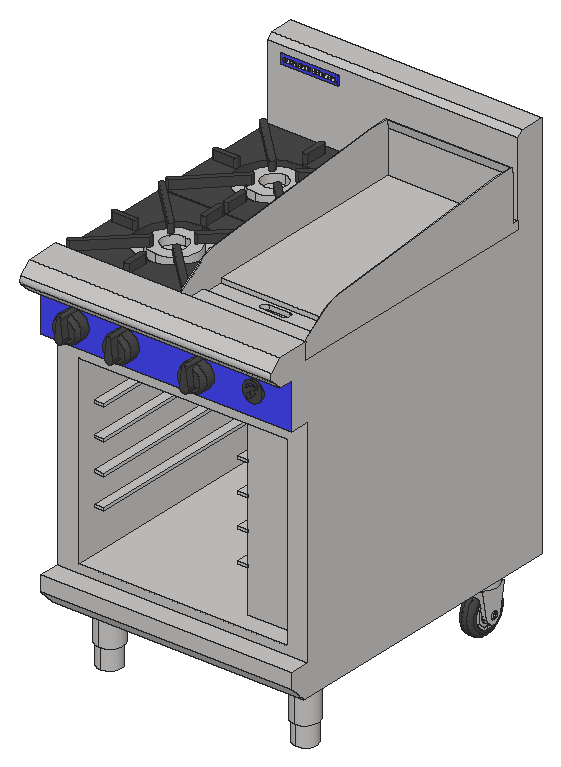
Revit family "QF_MOFFAT_BLUESEAL_CE_G514C-CB", category Specialty Equipment, Revit 2012
Parameters
  Weight in Pounds = 173  # constant formula
  Width [instance] = 600.00 mm  # constant formula
  URL Cutsheet = "www.moffat.com"
  URL = "www.moffat.com"
  Type Mark [instance] = ""
  Status [instance] = ""
  Specification by User [instance] = ""
  Specification by Manufacturer = ""
  Show Logo [instance] = yes
  Show Casters [instance] = yes
  Serial Number = ""
  Seismic Rating = ""
  SMACNA No = ""
  Revision Code [instance] = ""
  Omniclass Number and Title = ""
  NAFEM Spec ID Number = ""
  Model = "G514C-CB"
  Mechanical Remarks = ""
  Mechanical Connection Type = ""
  Masterspec = ""
  Manufacturer = "MOFFAT BLUESEAL"
  Legs [instance] = not(Show Casters)  # no
  Item Number [instance] = ""
  Installed By [instance] = ""
  Identify Quantity as Lot [instance] = yes
  Height = 1085.00 mm  # constant formula
  Gas Size = 3/4"
  Gas RI Height = 0.00 mm
  Gas KW = 20
  Gas Input = 68600.0 Btu/h
  Gas Connection Height = 0.00 mm
  Furnished By [instance] = ""
  Foodservice Equipment Identifier [instance] = yes
  Description = "600MM GAS GRIDDLE PLATE ON CABINET BASE"
  Depth [instance] = 812.00 mm  # constant formula
  CSI MasterFormat = ""
  CSI Master Format = ""
  Back Splash [instance] = 215.00 mm  # constant formula
Reference planes
  plane 1 "BACK": y = 0
  plane 2: z = 0
  plane 3 "LEFT": x = 0
  plane 4 "RIGHT": x = 600
  plane 5 "FRONT": y = -812
  plane 6 "TOP": z = 970
  plane 7 "Center Y": x = 300
  plane 8 "Center X": y = -406
  plane 9 "Base Height": z = 150
  plane 10: z = 915
  plane 11: x = 65
  plane 12: x = 534
  plane 13: y = -625
  plane 14: y = -100
  plane 15: x = 470
  plane 16: z = 655
  plane 17: y = -32
  plane 18: z = 1085
Forms (mm)
  Extrusion 1, solid, material "QF_Finishes_Stainless Steel"
    sketch origin (0, 0, 0) x (0, 1, 0) y (0, 0, 1)
      loop
        line (-100, 150) -> (0, 150) -> (0, 1085) -> (-57.5, 1085) -> (-70, 1072.5) -> (-70, 875) -> (-705, 875) -> (-705, 915) -> (-783.97, 915) -> (-808.485, 890.485)
        arc (-808.485, 890.485) -> (-811.999, 882) -> (-808.485, 873.515) r 12
        line (-808.485, 873.515) -> (-784.97, 850) -> (-749, 850) -> (-749, 740) -> (-100, 740) -> (-100, 150)
      loop
        line (-749, 186) -> (-713, 150) -> (-699, 150) -> (-699, 222.5) -> (-749, 222.5) -> (-749, 186)
    from 0 to 600
  Revolve 2, solid, material "QF_Finishes_Stainless Steel", visible <- "Legs"
    sketch origin (534, -210, 0) x (0, 1, 0) y (0, 0, -1)
      loop
        line (78.25, -150) -> (110, -150) -> (110, 0) -> (82.5, 0) -> (82.5, -50) -> (78.25, -50) -> (78.25, -150)
      axis (110, -150) -> (110, 0)
    angle from 0 to 360
  Revolve 3, solid, material "QF_Finishes_Stainless Steel"
    sketch origin (534, -735, 0) x (0, 1, 0) y (0, 0, -1)
      loop
        line (78.25, -150) -> (110, -150) -> (110, 0) -> (82.5, 0) -> (82.5, -50) -> (78.25, -50) -> (78.25, -150)
      axis (110, -150) -> (110, 0)
    angle from 0 to 360
  Revolve 4, solid, material "QF_Finishes_Stainless Steel", visible <- "Legs"
    sketch origin (65, -210, 0) x (0, 1, 0) y (0, 0, -1)
      loop
        line (78.25, -150) -> (110, -150) -> (110, 0) -> (82.5, 0) -> (82.5, -50) -> (78.25, -50) -> (78.25, -150)
      axis (110, -150) -> (110, 0)
    angle from 0 to 360
  Revolve 5, solid, material "QF_Finishes_Stainless Steel"
    sketch origin (65, -735, 0) x (0, 1, 0) y (0, 0, -1)
      loop
        line (78.25, -150) -> (110, -150) -> (110, 0) -> (82.5, 0) -> (82.5, -50) -> (78.25, -50) -> (78.25, -150)
      axis (110, -150) -> (110, 0)
    angle from 0 to 360
  Revolve 6, solid, material "QF_Finishes_Black"
    sketch origin (90, 7, 600) x (0, 1, 0) y (0, 0, -1)
      loop
        line (-789, -229.5) -> (-766, -229.5) -> (-766, -202) -> (-756, -202) -> (-756, -197) -> (-800, -197) -> (-800, -223.651) -> (-789, -229.5)
      axis (-800, -197) -> (-756, -197)
    angle from 0 to 360
  Extrusion 7, solid, material "QF_Finishes_Black"
    sketch origin (228.27, 0, 600.158) x (-1, 0, 0) y (0, 0, -1)
      loop
        line (143.2, -228.94) -> (148.689, -184.854)
        arc (148.689, -184.854) -> (137.617, -174.355) -> (127.782, -186.021) r 10.487
        line (127.782, -186.021) -> (133.203, -228.94)
        arc (133.203, -228.94) -> (138.201, -233.827) -> (143.2, -228.94) r 5
    from 759 to 808
  Extrusion 8, solid, material "QF_Finishes_Stainless Steel"
    sketch origin (0, -699, 685) x (1, 0, 0) y (0, -1, 0)
      loop
        circle (470, -667) r 13.5
    from -55 to 30
  Extrusion 9, solid, material "QF_Finishes_Stainless Steel"
    sketch origin (0, -100, 685) x (0, 0, 1) y (-1, 0, 0)
      loop
        line (-535, 0) -> (-535, -600) -> (55, -600) -> (55, 0) -> (-535, 0)
      loop
        line (0, -50) -> (-442.5, -50) -> (-442.5, -550) -> (0, -550) -> (0, -50)
    from 0 to 599
  Extrusion 10, solid, material "QF_Finishes_Stainless Steel"
    sketch origin (0, -100, 685) x (0, 0, 1) y (-1, 0, 0)
      loop
        line (-266.25, -50) -> (-266.25, -75) -> (-259.9, -75) -> (-259.9, -50) -> (-266.25, -50)
      loop
        line (-184.9, -75) -> (-184.9, -50) -> (-191.25, -50) -> (-191.25, -75) -> (-184.9, -75)
      loop
        line (-341.25, -50) -> (-341.25, -75) -> (-334.9, -75) -> (-334.9, -50) -> (-341.25, -50)
      loop
        line (-109.9, -75) -> (-109.9, -50) -> (-116.25, -50) -> (-116.25, -75) -> (-109.9, -75)
      loop
        line (-266.25, -419.5) -> (-259.9, -419.5) -> (-259.9, -394.5) -> (-266.25, -394.5) -> (-266.25, -419.5)
      loop
        line (-184.9, -394.5) -> (-191.25, -394.5) -> (-191.25, -419.5) -> (-184.9, -419.5) -> (-184.9, -394.5)
      loop
        line (-341.25, -419.5) -> (-334.9, -419.5) -> (-334.9, -394.5) -> (-341.25, -394.5) -> (-341.25, -419.5)
      loop
        line (-109.9, -394.5) -> (-116.25, -394.5) -> (-116.25, -419.5) -> (-109.9, -419.5) -> (-109.9, -394.5)
    from 0 to 554
  Extrusion 11, solid, material "QF_Finishes_Stainless Steel"
    sketch origin (0, -100, 685) x (0, 0, 1) y (-1, 0, 0)
      loop
        line (0, -550) -> (0, -419.5) -> (-442.5, -419.5) -> (-442.5, -550) -> (0, -550)
    from 546.898 to 554
  Extrusion 12, void
    sketch origin (0, 0, 150) x (-1, 0, 0) y (0, -1, 0)
      loop
        line (-535.614, 87.26) -> (-535.614, -30.24) -> (-406.114, -30.24) -> (-406.114, 38.76) -> (-454.614, 87.26) -> (-535.614, 87.26)
    from 72.5 to 590
  Revolve 13, solid, material "QF_Finishes_Black"
    sketch origin (390, 7, 600) x (0, 1, 0) y (0, 0, -1)
      loop
        line (-789, -229.5) -> (-766, -229.5) -> (-766, -202) -> (-756, -202) -> (-756, -197) -> (-800, -197) -> (-800, -223.651) -> (-789, -229.5)
      axis (-800, -197) -> (-756, -197)
    angle from 0 to 360
  Extrusion 14, solid, material "QF_Finishes_Black"
    sketch origin (528.27, 0, 600.158) x (-1, 0, 0) y (0, 0, -1)
      loop
        line (143.2, -228.94) -> (148.689, -184.854)
        arc (148.689, -184.854) -> (137.617, -174.355) -> (127.782, -186.021) r 10.487
        line (127.782, -186.021) -> (133.203, -228.94)
        arc (133.203, -228.94) -> (138.201, -233.827) -> (143.2, -228.94) r 5
    from 759 to 808
  Extrusion 15, solid, material "QF_Finishes_Black"
    sketch origin (0, -749, 850) x (0, 0, -1) y (1, 0, 0)
      loop
        circle (53, 510) r 23.9
      loop
        arc (45.641, 518.419) -> (46.501, 523.219) -> (41.701, 524.079) r 3.448
        arc (41.701, 524.079) -> (35.116, 509.341) -> (42.919, 495.209) r 18.095
        arc (42.919, 495.209) -> (47.641, 496.491) -> (46.326, 501.204) r 3.448
        arc (46.326, 501.204) -> (42.758, 509.683) -> (45.641, 518.419) r 13.109
    from 0 to 5
  Revolve 16, solid, material "QF_Finishes_Stainless Steel", visible <- "Legs"
    sketch origin (65, -165, 0) x (0, 1, 0) y (0, 0, 1)
      loop
        line (34.25, 150) -> (34.25, 50) -> (38.5, 50) -> (38.5, 0) -> (66, 0) -> (66, 150) -> (34.25, 150)
      axis (66, 150) -> (66, 0)
    angle from 0 to 360
  Revolve 17, solid, material "QF_Finishes_Stainless Steel", visible <- "Legs"
    sketch origin (535, -165, 0) x (0, 1, 0) y (0, 0, -1)
      loop
        line (34.25, -150) -> (66, -150) -> (66, 0) -> (38.5, 0) -> (38.5, -50) -> (34.25, -50) -> (34.25, -150)
      axis (66, -150) -> (66, 0)
    angle from 0 to 360
  Revolve 18, solid, material "QF_Finishes_Stainless Steel", visible <- "Show Casters"
    sketch origin (15.776, -99.755, -13.653) x (1, 0, 0) y (0, 0, 1)
      loop
        line (14.841, 63.604) -> (83.584, 63.604) -> (83.584, 67.109) -> (82.314, 68.379) -> (80.79, 68.379) -> (80.79, 71.826) -> (68.644, 71.826) -> (68.644, 81.79) -> (65.088, 83.843) -> (63.738, 92.179) -> (65.881, 92.179) -> (65.881, 98.529) -> (65.088, 98.529) -> (65.088, 104.879)
        arc (65.088, 104.879) -> (62.298, 111.614) -> (55.563, 114.404) r 9.525
        line (55.563, 114.404) -> (42.863, 114.404)
        arc (42.863, 114.404) -> (36.127, 111.614) -> (33.338, 104.879) r 9.525
        line (33.338, 104.879) -> (33.338, 98.529) -> (32.544, 98.529) -> (32.544, 92.179) -> (34.687, 92.179) -> (33.352, 83.932) -> (29.782, 81.871) -> (29.782, 71.826) -> (17.635, 71.826) -> (17.635, 68.379) -> (16.111, 68.379) -> (14.841, 67.109) -> (14.841, 63.604)
      axis (14.841, 63.604) -> (83.584, 63.604)
    angle from 0 to 360
  Extrusion 19, solid, material "QF_Finishes_Stainless Steel", visible <- "Show Casters"
    sketch origin (71.501, 133.353, -8.783) x (0, 1, 0) y (0, 0, 1)
      loop
        line (-200.603, 118.783) -> (-264.103, 118.783) -> (-251.746, 53.895)
        arc (-251.746, 53.895) -> (-232.353, 38.783) -> (-212.959, 53.895) r 20
        line (-212.959, 53.895) -> (-200.603, 118.783)
    from -35.667 to 22.923
  Revolve 20, solid, material "QF_Finishes_Stainless Steel", visible <- "Show Casters"
    sketch origin (65, -203, 0) x (0, 1, 0) y (0, 0, 1)
      loop
        line (68.25, 150) -> (68.25, 110) -> (104, 110) -> (104, 150) -> (68.25, 150)
      axis (104, 150) -> (104, 110)
    angle from 0 to 360
  Revolve 21, solid, material "QF_Finishes_Stainless Steel", visible <- "Legs"
    sketch origin (65, -165, 0) x (0, 1, 0) y (0, 0, 1)
      loop
        line (34.25, 150) -> (34.25, 50) -> (38.5, 50) -> (38.5, 0) -> (66, 0) -> (66, 150) -> (34.25, 150)
      axis (66, 150) -> (66, 0)
    angle from 0 to 360
  Revolve 22, solid, material "QF_Finishes_Stainless Steel", visible <- "Show Casters"
    sketch origin (485.776, -99.755, -13.653) x (1, 0, 0) y (0, 0, 1)
      loop
        line (14.841, 63.604) -> (83.584, 63.604) -> (83.584, 67.109) -> (82.314, 68.379) -> (80.79, 68.379) -> (80.79, 71.826) -> (68.644, 71.826) -> (68.644, 81.79) -> (65.088, 83.843) -> (63.738, 92.179) -> (65.881, 92.179) -> (65.881, 98.529) -> (65.088, 98.529) -> (65.088, 104.879)
        arc (65.088, 104.879) -> (62.298, 111.614) -> (55.563, 114.404) r 9.525
        line (55.563, 114.404) -> (42.863, 114.404)
        arc (42.863, 114.404) -> (36.127, 111.614) -> (33.338, 104.879) r 9.525
        line (33.338, 104.879) -> (33.338, 98.529) -> (32.544, 98.529) -> (32.544, 92.179) -> (34.687, 92.179) -> (33.352, 83.932) -> (29.782, 81.871) -> (29.782, 71.826) -> (17.635, 71.826) -> (17.635, 68.379) -> (16.111, 68.379) -> (14.841, 67.109) -> (14.841, 63.604)
      axis (14.841, 63.604) -> (83.584, 63.604)
    angle from 0 to 360
  Extrusion 23, solid, material "QF_Finishes_Stainless Steel", visible <- "Show Casters"
    sketch origin (541.501, 133.353, -8.783) x (0, 1, 0) y (0, 0, 1)
      loop
        line (-200.603, 118.783) -> (-264.103, 118.783) -> (-251.746, 53.895)
        arc (-251.746, 53.895) -> (-232.353, 38.783) -> (-212.959, 53.895) r 20
        line (-212.959, 53.895) -> (-200.603, 118.783)
    from -35.667 to 22.923
  Revolve 24, solid, material "QF_Finishes_Stainless Steel", visible <- "Show Casters"
    sketch origin (535, -203, 0) x (0, 1, 0) y (0, 0, 1)
      loop
        line (68.25, 150) -> (68.25, 110) -> (104, 110) -> (104, 150) -> (68.25, 150)
      axis (104, 150) -> (104, 110)
    angle from 0 to 360
  Extrusion 25, solid, material "QF_Finishes_Black"
    sketch origin (0, -754, 850) x (0, 0, -1) y (1, 0, 0)
      loop
        circle (56.5, 510) r 5.75
    from 0 to 10
  Revolve 26, solid, material "QF_Finishes_Black"
    sketch origin (209.882, 6.921, 599.5) x (0, 1, 0) y (0, 0, -1)
      loop
        line (-789, -229.5) -> (-766, -229.5) -> (-766, -202) -> (-756, -202) -> (-756, -197) -> (-800, -197) -> (-800, -223.651) -> (-789, -229.5)
      axis (-800, -197) -> (-756, -197)
    angle from 0 to 360
  Extrusion 27, solid, material "QF_Finishes_Black"
    sketch origin (209.882, -759.079, 796.5) x (0, 0, 1) y (1, 0, 0)
      loop
        arc (32.192, -4.965) -> (37.079, 0.034) -> (32.192, 5.033) r 5
        line (32.192, 5.033) -> (-10.726, 10.453)
        arc (-10.726, 10.453) -> (-22.392, 0.618) -> (-11.893, -10.454) r 10.487
        line (-11.893, -10.454) -> (32.192, -4.965)
    from 0 to -49
Cuts and joins
  Extrusion 12 cuts Extrusion 1
  joined: Extrusion 1, Extrusion 9
Lines and regions (mm)
  Split face 1
    outline origin (600, 0, 1085) x (-1, 0, 0) y (0, -1, 0)
      loop
        arc (35.206, 45.385) -> (26.545, 40.385) -> (26.545, 30.385) r 10
        line (26.545, 30.385) -> (30.587, 23.385)
        arc (30.587, 23.385) -> (34.247, 19.725) -> (39.247, 18.385) r 10
        line (39.247, 18.385) -> (267.206, 18.385)
        arc (267.206, 18.385) -> (275.866, 23.385) -> (275.866, 33.385) r 10
        line (275.866, 33.385) -> (271.824, 40.385)
        arc (271.824, 40.385) -> (268.164, 44.045) -> (263.164, 45.385) r 10
        line (263.164, 45.385) -> (35.206, 45.385)
  Split face 2
    outline origin (600, 0, 1085) x (-1, 0, 0) y (0, -1, 0)
      loop
        arc (335.206, 45.385) -> (326.545, 40.385) -> (326.545, 30.385) r 10
        line (326.545, 30.385) -> (330.587, 23.385)
        arc (330.587, 23.385) -> (334.247, 19.725) -> (339.247, 18.385) r 10
        line (339.247, 18.385) -> (567.206, 18.385)
        arc (567.206, 18.385) -> (575.866, 23.385) -> (575.866, 33.385) r 10
        line (575.866, 33.385) -> (571.824, 40.385)
        arc (571.824, 40.385) -> (568.164, 44.045) -> (563.164, 45.385) r 10
        line (563.164, 45.385) -> (335.206, 45.385)
  symbolic lines
    curve 1: line (0, 0, 0) -> (0, -812, 0)
    curve 2: line (600, 0, 0) -> (0, 0, 0)
    curve 3: line (600, -812, 0) -> (600, 0, 0)
    curve 4: line (0, -812, 0) -> (600, -812, 0)
    curve 13: line (0, -57.5, 150) -> (600, -57.5, 150)
    curve 14: line (0, -70, 150) -> (600, -70, 150)
    curve 15: line (0, -783.97, 150) -> (600, -783.97, 150)
    curve 16: line (260.753, -18.385, 0) -> (32.794, -18.385, 0)
    curve 17: arc (32.794, -18.385, 0) -> (24.134, -23.385, 0) -> (24.134, -33.385, 0) r 10
    curve 18: line (24.134, -33.385, 0) -> (28.176, -40.385, 0)
    curve 19: arc (28.176, -40.385, 0) -> (31.836, -44.045, 0) -> (36.836, -45.385, 0) r 10
    curve 20: line (36.836, -45.385, 0) -> (264.794, -45.385, 0)
    curve 21: arc (264.794, -45.385, 0) -> (273.455, -40.385, 0) -> (273.455, -30.385, 0) r 10
    curve 22: line (273.455, -30.385, 0) -> (269.413, -23.385, 0)
    curve 23: arc (269.413, -23.385, 0) -> (265.753, -19.725, 0) -> (260.753, -18.385, 0) r 10
    curve 24: line (332.794, -18.385, 0) -> (560.753, -18.385, 0)
    curve 25: arc (560.753, -18.385, 0) -> (565.753, -19.725, 0) -> (569.413, -23.385, 0) r 10
    curve 26: line (569.413, -23.385, 0) -> (573.455, -30.385, 0)
    curve 27: arc (573.455, -30.385, 0) -> (573.455, -40.385, 0) -> (564.794, -45.385, 0) r 10
    curve 28: line (564.794, -45.385, 0) -> (336.836, -45.385, 0)
    curve 29: arc (336.836, -45.385, 0) -> (331.836, -44.045, 0) -> (328.176, -40.385, 0) r 10
    curve 30: line (328.176, -40.385, 0) -> (324.134, -33.385, 0)
    curve 31: arc (324.134, -33.385, 0) -> (324.134, -23.385, 0) -> (332.794, -18.385, 0) r 10
  symbolic lines, style "SpecialityEquipmentHiddenLines", visible <- "Show Casters"
    curve 5: line (78.456, -46.735, 0) -> (105.952, -62.61, 0)
    curve 6: line (27.656, -134.723, 0) -> (78.456, -46.735, 0)
    curve 7: line (55.152, -150.598, 0) -> (27.656, -134.723, 0)
    curve 8: line (105.952, -62.61, 0) -> (55.152, -150.598, 0)
    curve 9: line (548.456, -46.735, 0) -> (575.952, -62.61, 0)
    curve 10: line (497.656, -134.723, 0) -> (548.456, -46.735, 0)
    curve 11: line (525.152, -150.598, 0) -> (497.656, -134.723, 0)
    curve 12: line (575.952, -62.61, 0) -> (525.152, -150.598, 0)
Dimensions and locks
  equal spacing: plane 3 "LEFT", plane 7 "Center Y", plane 4 "RIGHT"
  "Width": plane 3 "LEFT" to plane 4 "RIGHT"
  equal spacing: plane 5 "FRONT", plane 8 "Center X", plane 1 "BACK"
  "Depth": plane 5 "FRONT" to plane 1 "BACK"
  locked: plane 10 to level at 915
  locked: plane 9 "Base Height" to level at 150
  plane 6 "TOP" to plane 10 = 55.00 mm
  plane 13 to plane 14 = 525.00 mm
  plane 12 to plane 11 = 469.00 mm
  plane 15 to plane 4 "RIGHT" = 130.00 mm
  plane 16 to level = 655.00 mm
  plane 17 to plane 1 "BACK" = 32.00 mm
  "Height": plane 18 to plane 2
  Revolve 18 sketch curve to Revolve 18 sketch curve = 50.80 mm
  Revolve 22 sketch curve to Revolve 22 sketch curve = 50.80 mm
  Extrusion 8 sketch curve to plane 1 "BACK" = 32.00 mm
  plane 16 to plane 2 = 655.00 mm
  aligned and locked: level to plane 2
Automatic sketch dimensions
  plane 1 "BACK" to curve 1 = 0.00 mm
  curve 1 to plane 3 "LEFT" = 0.00 mm
  curve 2 to plane 4 "RIGHT" = 0.00 mm
  plane 5 "FRONT" to curve 4 = 0.00 mm
  Extrusion 1 sketch curve to plane 10 = 0.00 mm
  Extrusion 1 sketch curve to plane 9 "Base Height" = 0.00 mm  (x2)
  Extrusion 1 sketch curve to plane 14 = 0.00 mm
  Extrusion 1 sketch curve to plane 18 = 0.00 mm
  Extrusion 1 sketch curve to plane 1 "BACK" = 0.00 mm
  Extrusion 1 sketch curve to plane 13 = 74.00 mm
  Extrusion 1 sketch curve to plane 10 = 40.00 mm
  Extrusion 1 sketch curve to plane 13 = 80.00 mm
  Extrusion 1 sketch curve to Extrusion 1 sketch curve = 14.00 mm
  Extrusion 1 sketch curve to Extrusion 1 sketch curve = 36.00 mm
  Extrusion 1 sketch curve to plane 5 "FRONT" = 63.00 mm
  Extrusion 1 sketch curve to plane 5 "FRONT" = 28.03 mm
  Extrusion 1 sketch curve to plane 5 "FRONT" = 27.03 mm
  Extrusion 1 sketch curve to plane 5 "FRONT" = 12.001 mm
  Extrusion 1 sketch curve to plane 5 "FRONT" = 3.515 mm  (x2)
  plane 14 to Extrusion 1 sketch curve = 30.00 mm
  Extrusion 1 sketch curve to Extrusion 1 sketch curve = 12.50 mm
  plane 9 "Base Height" to Extrusion 1 sketch curve = 36.00 mm
  Extrusion 1 sketch curve to Extrusion 1 sketch curve = 36.50 mm
  plane 16 to Extrusion 1 sketch curve = 85.00 mm
  Extrusion 1 sketch curve to Extrusion 1 sketch curve = 25.00 mm
  Extrusion 1 sketch curve to Extrusion 1 sketch curve = 23.515 mm
  Extrusion 1 sketch curve to Extrusion 1 sketch curve = 8.485 mm
  Extrusion 1 sketch curve to plane 18 = 12.50 mm
  Revolve 2 sketch curve to plane 9 "Base Height" = 0.00 mm
  Revolve 2 sketch curve to level = 0.00 mm
  Revolve 2 sketch curve to plane 14 = 0.00 mm  (x2)
  Revolve 2 sketch curve to plane 14 = 27.50 mm
  Revolve 2 sketch curve to plane 14 = 31.75 mm
  level to Revolve 2 sketch curve = 50.00 mm
  Revolve 2 sketch curve to Revolve 2 sketch curve = 0.00 mm
  Revolve 2 sketch curve to Revolve 2 sketch curve = 55.00 mm
  Revolve 3 sketch curve to plane 9 "Base Height" = 0.00 mm
  Revolve 3 sketch curve to level = 0.00 mm
  Revolve 3 sketch curve to plane 13 = 0.00 mm  (x2)
  Revolve 3 sketch curve to plane 13 = 27.50 mm
  Revolve 3 sketch curve to plane 13 = 31.75 mm
  level to Revolve 3 sketch curve = 50.00 mm
  Revolve 3 sketch curve to Revolve 3 sketch curve = 0.00 mm
  Revolve 3 sketch curve to Revolve 3 sketch curve = 55.00 mm
  Revolve 4 sketch curve to plane 9 "Base Height" = 0.00 mm
  Revolve 4 sketch curve to level = 0.00 mm
  Revolve 4 sketch curve to plane 14 = 0.00 mm  (x2)
  Revolve 4 sketch curve to plane 14 = 27.50 mm
  Revolve 4 sketch curve to plane 14 = 31.75 mm
  level to Revolve 4 sketch curve = 50.00 mm
  Revolve 4 sketch curve to Revolve 4 sketch curve = 0.00 mm
  Revolve 4 sketch curve to Revolve 4 sketch curve = 55.00 mm
  Revolve 5 sketch curve to plane 9 "Base Height" = 0.00 mm
  Revolve 5 sketch curve to level = 0.00 mm
  Revolve 5 sketch curve to plane 13 = 0.00 mm  (x2)
  Revolve 5 sketch curve to plane 13 = 27.50 mm
  Revolve 5 sketch curve to plane 13 = 31.75 mm
  level to Revolve 5 sketch curve = 50.00 mm
  Revolve 5 sketch curve to Revolve 5 sketch curve = 0.00 mm
  Revolve 5 sketch curve to Revolve 5 sketch curve = 55.00 mm
  Revolve 6 sketch curve to plane 5 "FRONT" = 19.00 mm
  Revolve 6 sketch curve to Revolve 6 sketch curve = 0.00 mm  (x2)
  Revolve 6 sketch curve to Revolve 6 sketch curve = 11.00 mm
  Revolve 6 sketch curve to Revolve 6 sketch curve = 12.70 mm
  Revolve 6 sketch curve to Revolve 6 sketch curve = 23.00 mm
  Revolve 6 sketch curve to Revolve 6 sketch curve = 10.00 mm
  Revolve 6 sketch curve to plane 10 = 85.50 mm
  Revolve 6 sketch curve to Revolve 6 sketch curve = 5.849 mm
  Revolve 6 sketch curve to Revolve 6 sketch curve = 27.50 mm
  Revolve 6 sketch curve to Revolve 6 sketch curve = 5.00 mm
  plane 11 to Extrusion 7 sketch curve = 35.487 mm
  Extrusion 7 sketch curve to Extrusion 7 sketch curve = 5.421 mm
  Extrusion 7 sketch curve to Extrusion 7 sketch curve = 4.999 mm  (x2)
  Extrusion 7 sketch curve to Extrusion 7 sketch curve = 10.419 mm
  Extrusion 7 sketch curve to Extrusion 7 sketch curve = 10.487 mm
  Extrusion 7 sketch curve to plane 10 = 85.902 mm
  Extrusion 7 sketch curve to Extrusion 7 sketch curve = 0.113 mm
  Extrusion 7 sketch curve to Extrusion 7 sketch curve = 42.919 mm
  Extrusion 7 sketch curve to Extrusion 7 sketch curve = 1.167 mm
  Extrusion 8 sketch curve to plane 15 = 0.00 mm
  Extrusion 1 to Extrusion 9 sketch curve = 0.00 mm
  Extrusion 9 sketch curve to Extrusion 1 = 0.00 mm  (x3)
  Extrusion 1 to Extrusion 9 sketch curve = 92.50 mm
  Extrusion 1 to Extrusion 9 sketch curve = 55.00 mm
  Extrusion 1 to Extrusion 9 sketch curve = 50.00 mm  (x2)
  Extrusion 1 to Extrusion 10 sketch curve = 50.00 mm  (x2)
  Extrusion 1 to Extrusion 10 sketch curve = 193.75 mm  (x2)
  Extrusion 10 sketch curve to Extrusion 10 sketch curve = 6.35 mm  (x8)
  Extrusion 10 sketch curve to Extrusion 10 sketch curve = 68.65 mm  (x6)
  Extrusion 10 sketch curve to Extrusion 10 sketch curve = 25.00 mm  (x8)
  Extrusion 10 sketch curve to Extrusion 10 sketch curve = 0.00 mm  (x4)
  Extrusion 1 to Extrusion 10 sketch curve = 75.00 mm
  Extrusion 1 to Extrusion 10 sketch curve = 205.50 mm
  Extrusion 1 to Extrusion 11 sketch curve = 92.50 mm
  Extrusion 1 to Extrusion 11 sketch curve = 55.00 mm
  Extrusion 1 to Extrusion 11 sketch curve = 50.00 mm
  Extrusion 11 sketch curve to Extrusion 11 sketch curve = 130.50 mm
  Extrusion 12 sketch curve to plane 12 = 1.614 mm
  Extrusion 12 sketch curve to plane 15 = 15.386 mm
  Extrusion 12 sketch curve to plane 17 = 6.76 mm
  Extrusion 12 sketch curve to plane 15 = 63.886 mm
  Extrusion 12 sketch curve to plane 1 "BACK" = 30.24 mm
  plane 14 to Extrusion 12 sketch curve = 12.74 mm
  Revolve 13 sketch curve to plane 5 "FRONT" = 19.00 mm
  Revolve 13 sketch curve to Revolve 13 sketch curve = 0.00 mm  (x2)
  Revolve 13 sketch curve to Revolve 13 sketch curve = 11.00 mm
  Revolve 13 sketch curve to Revolve 13 sketch curve = 12.70 mm
  Revolve 13 sketch curve to Revolve 13 sketch curve = 23.00 mm
  Revolve 13 sketch curve to Revolve 13 sketch curve = 10.00 mm
  Revolve 13 sketch curve to plane 10 = 85.50 mm
  Revolve 13 sketch curve to Revolve 13 sketch curve = 5.849 mm
  Revolve 13 sketch curve to Revolve 13 sketch curve = 27.50 mm
  Revolve 13 sketch curve to Revolve 13 sketch curve = 5.00 mm
  Extrusion 14 sketch curve to plane 15 = 69.513 mm
  Extrusion 14 sketch curve to plane 15 = 74.933 mm
  Extrusion 14 sketch curve to Extrusion 14 sketch curve = 4.999 mm  (x2)
  Extrusion 14 sketch curve to Extrusion 14 sketch curve = 10.419 mm
  Extrusion 14 sketch curve to Extrusion 14 sketch curve = 10.487 mm
  Extrusion 14 sketch curve to plane 10 = 85.902 mm
  Extrusion 14 sketch curve to Extrusion 14 sketch curve = 0.113 mm
  Extrusion 14 sketch curve to Extrusion 14 sketch curve = 42.919 mm
  Extrusion 14 sketch curve to Extrusion 14 sketch curve = 1.167 mm
  curve 7 to plane 11 = 9.848 mm
  plane 11 to curve 6 = 13.456 mm
  curve 5 to curve 8 = 27.496 mm
  plane 12 to curve 11 = 8.848 mm
  curve 10 to plane 12 = 14.456 mm
  plane 4 "RIGHT" to curve 12 = 24.048 mm
  curve 7 to curve 7 = 15.875 mm
  curve 11 to curve 11 = 15.875 mm
  curve 9 to plane 17 = 14.735 mm
  curve 5 to plane 17 = 14.735 mm
  Revolve 16 sketch curve to plane 9 "Base Height" = 0.00 mm
  Revolve 16 sketch curve to level = 0.00 mm
  Revolve 16 sketch curve to plane 14 = 30.75 mm
  Revolve 16 sketch curve to plane 14 = 26.50 mm
  plane 14 to Revolve 16 sketch curve = 1.00 mm  (x2)
  Revolve 16 sketch curve to Revolve 16 sketch curve = 55.00 mm
  level to Revolve 16 sketch curve = 50.00 mm
  Revolve 16 sketch curve to Revolve 16 sketch curve = 0.00 mm
  Revolve 17 sketch curve to plane 9 "Base Height" = 0.00 mm
  Revolve 17 sketch curve to level = 0.00 mm
  Revolve 17 sketch curve to plane 14 = 30.75 mm
  Revolve 17 sketch curve to plane 14 = 26.50 mm
  plane 14 to Revolve 17 sketch curve = 1.00 mm  (x2)
  level to Revolve 17 sketch curve = 50.00 mm
  Revolve 17 sketch curve to Revolve 17 sketch curve = 0.00 mm
  Revolve 17 sketch curve to Revolve 17 sketch curve = 55.00 mm
  plane 3 "LEFT" to Revolve 18 sketch curve = 30.618 mm
  Revolve 18 sketch curve to Revolve 18 sketch curve = 1.27 mm  (x4)
  Revolve 18 sketch curve to Revolve 18 sketch curve = 1.524 mm  (x2)
  Revolve 18 sketch curve to Revolve 18 sketch curve = 12.146 mm  (x2)
  Revolve 18 sketch curve to plane 11 = 16.68 mm
  Revolve 18 sketch curve to Revolve 18 sketch curve = 0.794 mm  (x2)
  Revolve 18 sketch curve to Revolve 18 sketch curve = 3.57 mm
  Revolve 18 sketch curve to Revolve 18 sketch curve = 2.143 mm
  Revolve 18 sketch curve to plane 11 = 6.361 mm
  plane 11 to Revolve 18 sketch curve = 5.13 mm
  plane 11 to Revolve 18 sketch curve = 6.339 mm
  plane 11 to Revolve 18 sketch curve = 14.515 mm
  Revolve 18 sketch curve to Revolve 18 sketch curve = 1.349 mm  (x2)
  Revolve 18 sketch curve to Revolve 18 sketch curve = 3.556 mm
  Revolve 18 sketch curve to Revolve 18 sketch curve = 33.32 mm
  level to Revolve 18 sketch curve = 49.952 mm
  Revolve 18 sketch curve to Revolve 18 sketch curve = 0.00 mm
  Revolve 18 sketch curve to Revolve 18 sketch curve = 3.505 mm  (x2)
  Revolve 18 sketch curve to Revolve 18 sketch curve = 3.447 mm  (x2)
  Revolve 18 sketch curve to Revolve 18 sketch curve = 9.964 mm
  Revolve 18 sketch curve to Revolve 18 sketch curve = 10.045 mm
  Revolve 18 sketch curve to Revolve 18 sketch curve = 2.053 mm
  Revolve 18 sketch curve to Revolve 18 sketch curve = 2.061 mm
  Revolve 18 sketch curve to Revolve 18 sketch curve = 8.247 mm
  Revolve 18 sketch curve to Revolve 18 sketch curve = 8.336 mm
  Revolve 18 sketch curve to Revolve 18 sketch curve = 6.35 mm  (x2)
  Extrusion 19 sketch curve to plane 14 = 30.75 mm
  Extrusion 19 sketch curve to plane 14 = 18.393 mm
  plane 14 to Extrusion 19 sketch curve = 1.00 mm
  Extrusion 19 sketch curve to Extrusion 19 sketch curve = 19.393 mm
  plane 14 to Extrusion 19 sketch curve = 32.75 mm
  level to Extrusion 19 sketch curve = 45.111 mm
  Extrusion 19 sketch curve to Extrusion 19 sketch curve = 4.889 mm
  Extrusion 19 sketch curve to plane 9 "Base Height" = 40.00 mm
  Revolve 20 sketch curve to plane 9 "Base Height" = 0.00 mm
  Revolve 20 sketch curve to plane 14 = 34.75 mm
  plane 14 to Revolve 20 sketch curve = 1.00 mm  (x2)
  Revolve 20 sketch curve to plane 9 "Base Height" = 40.00 mm
  level to Revolve 20 sketch curve = 50.00 mm
  Revolve 20 sketch curve to level = 55.00 mm
  Revolve 21 sketch curve to plane 9 "Base Height" = 0.00 mm
  Revolve 21 sketch curve to level = 0.00 mm
  Revolve 21 sketch curve to plane 14 = 30.75 mm
  Revolve 21 sketch curve to plane 14 = 26.50 mm
  plane 14 to Revolve 21 sketch curve = 1.00 mm  (x2)
  Revolve 21 sketch curve to Revolve 21 sketch curve = 55.00 mm
  level to Revolve 21 sketch curve = 50.00 mm
  Revolve 21 sketch curve to Revolve 21 sketch curve = 0.00 mm
  plane 15 to Revolve 22 sketch curve = 30.618 mm
  Revolve 22 sketch curve to Revolve 22 sketch curve = 1.27 mm  (x4)
  Revolve 22 sketch curve to Revolve 22 sketch curve = 1.524 mm  (x2)
  Revolve 22 sketch curve to Revolve 22 sketch curve = 12.146 mm  (x2)
  plane 12 to Revolve 22 sketch curve = 15.68 mm
  Revolve 22 sketch curve to Revolve 22 sketch curve = 0.794 mm  (x2)
  Revolve 22 sketch curve to Revolve 22 sketch curve = 3.57 mm
  Revolve 22 sketch curve to Revolve 22 sketch curve = 2.143 mm
  plane 12 to Revolve 22 sketch curve = 5.361 mm
  Revolve 22 sketch curve to plane 12 = 6.13 mm
  Revolve 22 sketch curve to plane 12 = 7.339 mm
  Revolve 22 sketch curve to Revolve 22 sketch curve = 8.176 mm
  Revolve 22 sketch curve to Revolve 22 sketch curve = 1.349 mm  (x2)
  Revolve 22 sketch curve to Revolve 22 sketch curve = 3.556 mm
  Revolve 22 sketch curve to plane 4 "RIGHT" = 2.68 mm
  level to Revolve 22 sketch curve = 49.952 mm
  Revolve 22 sketch curve to Revolve 22 sketch curve = 0.00 mm
  Revolve 22 sketch curve to Revolve 22 sketch curve = 3.505 mm  (x2)
  Revolve 22 sketch curve to Revolve 22 sketch curve = 3.447 mm  (x2)
  Revolve 22 sketch curve to Revolve 22 sketch curve = 9.964 mm
  Revolve 22 sketch curve to Revolve 22 sketch curve = 10.045 mm
  Revolve 22 sketch curve to Revolve 22 sketch curve = 2.053 mm
  Revolve 22 sketch curve to Revolve 22 sketch curve = 2.061 mm
  Revolve 22 sketch curve to Revolve 22 sketch curve = 8.247 mm
  Revolve 22 sketch curve to Revolve 22 sketch curve = 8.336 mm
  Revolve 22 sketch curve to Revolve 22 sketch curve = 6.35 mm  (x2)
  Extrusion 23 sketch curve to plane 14 = 30.75 mm
  Extrusion 23 sketch curve to plane 14 = 18.393 mm
  plane 14 to Extrusion 23 sketch curve = 1.00 mm
  Extrusion 23 sketch curve to Extrusion 23 sketch curve = 19.393 mm
  plane 14 to Extrusion 23 sketch curve = 32.75 mm
  level to Extrusion 23 sketch curve = 45.111 mm
  Extrusion 23 sketch curve to Extrusion 23 sketch curve = 4.889 mm
  Extrusion 23 sketch curve to plane 9 "Base Height" = 40.00 mm
  Revolve 24 sketch curve to plane 9 "Base Height" = 0.00 mm
  Revolve 24 sketch curve to plane 14 = 34.75 mm
  plane 14 to Revolve 24 sketch curve = 1.00 mm  (x2)
  Revolve 24 sketch curve to plane 9 "Base Height" = 40.00 mm
  level to Revolve 24 sketch curve = 50.00 mm
  Revolve 24 sketch curve to level = 55.00 mm
  Split face 1 sketch curve to cut or joined group of Extrusion 1, Extrusion 9, Extrusion 12 = 26.545 mm
  Split face 1 sketch curve to Split face 1 sketch curve = 4.041 mm  (x4)
  Split face 1 sketch curve to Split face 1 sketch curve = 8.66 mm  (x2)
  Split face 1 sketch curve to cut or joined group of Extrusion 1, Extrusion 9, Extrusion 12 = 22.115 mm
  Split face 1 sketch curve to Split face 1 sketch curve = 223.917 mm
  Split face 1 sketch curve to cut or joined group of Extrusion 1, Extrusion 9, Extrusion 12 = 17.115 mm
  Split face 1 sketch curve to Split face 1 sketch curve = 10.00 mm
  Split face 1 sketch curve to Split face 1 sketch curve = 7.00 mm  (x3)
  Split face 2 sketch curve to cut or joined group of Extrusion 1, Extrusion 9, Extrusion 12 = 27.115 mm
  Split face 2 sketch curve to cut or joined group of Extrusion 1, Extrusion 9, Extrusion 12 = 273.455 mm
  Split face 2 sketch curve to cut or joined group of Extrusion 1, Extrusion 9, Extrusion 12 = 23.385 mm
  Split face 2 sketch curve to Split face 2 sketch curve = 4.041 mm  (x4)
  Split face 2 sketch curve to Split face 2 sketch curve = 8.66 mm  (x2)
  Split face 2 sketch curve to cut or joined group of Extrusion 1, Extrusion 9, Extrusion 12 = 22.115 mm
  Split face 2 sketch curve to cut or joined group of Extrusion 1, Extrusion 9, Extrusion 12 = 36.836 mm
  Split face 2 sketch curve to Split face 2 sketch curve = 17.00 mm
  Split face 2 sketch curve to Split face 2 sketch curve = 7.00 mm  (x2)
  Extrusion 1 to Extrusion 15 sketch curve = 41.701 mm
  Extrusion 15 sketch curve to Extrusion 15 sketch curve = 1.218 mm
  Extrusion 15 sketch curve to Extrusion 15 sketch curve = 1.97 mm  (x2)
  Extrusion 15 sketch curve to Extrusion 15 sketch curve = 1.724 mm
  Extrusion 15 sketch curve to Extrusion 15 sketch curve = 1.683 mm
  Extrusion 15 sketch curve to Extrusion 15 sketch curve = 6.674 mm
  Extrusion 15 sketch curve to Extrusion 15 sketch curve = 0.195 mm
  Extrusion 15 sketch curve to Extrusion 15 sketch curve = 2.662 mm
  Extrusion 1 to Extrusion 15 sketch curve = 104.791 mm
  Extrusion 15 sketch curve to Extrusion 15 sketch curve = 2.986 mm
  Extrusion 15 sketch curve to Extrusion 15 sketch curve = 8.796 mm
  Extrusion 15 sketch curve to Extrusion 15 sketch curve = 0.103 mm
  Extrusion 15 sketch curve to Extrusion 15 sketch curve = 0.102 mm
  curve 17 to plane 17 = 1.385 mm
  plane 3 "LEFT" to curve 17 = 24.134 mm
  curve 18 to plane 17 = 8.385 mm
  curve 18 to curve 18 = 4.041 mm
  curve 17 to curve 17 = 8.66 mm
  curve 19 to curve 20 = 8.66 mm
  plane 17 to curve 23 = 13.615 mm
  curve 23 to plane 7 "Center Y" = 39.247 mm
  curve 21 to plane 17 = 3.385 mm
  curve 23 to curve 21 = 4.041 mm
  plane 17 to curve 22 = 8.615 mm
  curve 16 to curve 22 = 8.66 mm
  plane 17 to curve 21 = 1.615 mm
  curve 22 to curve 21 = 4.041 mm
  curve 31 to plane 17 = 1.385 mm
  plane 7 "Center Y" to curve 31 = 24.134 mm
  curve 30 to curve 29 = 4.041 mm
  plane 17 to curve 31 = 13.615 mm
  curve 30 to curve 31 = 8.66 mm
  curve 29 to plane 17 = 3.385 mm
  curve 31 to curve 29 = 4.041 mm
  curve 25 to plane 12 = 26.753 mm
  curve 9 to curve 28 = 16.339 mm
  plane 17 to curve 25 = 8.615 mm
  curve 24 to curve 25 = 8.66 mm
  plane 17 to curve 27 = 1.615 mm
  curve 25 to curve 27 = 4.041 mm
  curve 29 to curve 29 = 10.00 mm
  Revolve 26 sketch curve to plane 5 "FRONT" = 18.921 mm
  Revolve 26 sketch curve to Revolve 26 sketch curve = 0.00 mm  (x2)
  Revolve 26 sketch curve to Revolve 26 sketch curve = 11.00 mm
  Revolve 26 sketch curve to Revolve 26 sketch curve = 12.70 mm
  Revolve 26 sketch curve to Revolve 26 sketch curve = 23.00 mm
  Revolve 26 sketch curve to Revolve 26 sketch curve = 10.00 mm
  Revolve 26 sketch curve to plane 10 = 86.00 mm
  Revolve 26 sketch curve to Revolve 26 sketch curve = 5.849 mm
  Revolve 26 sketch curve to Revolve 26 sketch curve = 27.50 mm
  Revolve 26 sketch curve to Revolve 26 sketch curve = 5.00 mm
  Extrusion 27 sketch curve to Revolve 26 = 0.034 mm  (x2)
  Revolve 26 to Extrusion 27 sketch curve = 10.454 mm
  Extrusion 27 sketch curve to Extrusion 27 sketch curve = 0.028 mm
  Extrusion 27 sketch curve to Revolve 26 = 10.453 mm
  Extrusion 27 sketch curve to Extrusion 27 sketch curve = 44.00 mm
  Extrusion 27 sketch curve to Revolve 26 = 5.033 mm
  Extrusion 27 sketch curve to Extrusion 27 sketch curve = 0.113 mm
  Revolve 26 to Extrusion 27 sketch curve = 4.965 mm
  radius of Extrusion 8 sketch curve = 13.50 mm
  radius of Extrusion 15 sketch curve = 23.90 mm
Nested families
  nested 1: "WALDORF LOGO_FACE BASE" at (32, -70, 1056.885) x (1, 0, 0) z (0, -1, 0), visible <- "Show Logo", type "WALDORF LOGO_FACE BASE", detail levels medium+fine
    with Show Logo yes
  nested 2: "GAS BURNER & GRIDDLE 300" at (0, -70, 875), type "GAS BURNER & GRIDDLE 300"
    with Width 600.00 mm, Type Mark "", Status "", Specification by User "", Revision Code "", Item Number "", Installed By "", Identify Quantity as Lot yes, Furnished By "", Foodservice Equipment Identifier yes, Depth 635.00 mm
Connectors
  piping at (470, -32, 655)
    settings: on Extrusion 8, index 1, connector radius 0.37402", flow factor 0, pipe flow 0 GPM, pressure drop 0.00 psi, fitting loss kfactor 0, connector angle 0.00°, fixture units 0, engagement length 0.00 mm, flow configuration 1, flow direction 1, fitting loss method 0, system type 7, joint type 0, gender type 0, connector reference index -1, connector utility 0, adjustable connector no, is connector primary yes, fitting loss table "", connector description "GAS CONNECTION"
Definition of nested family "WALDORF LOGO_FACE BASE"
  Parameters (values of type "WALDORF LOGO_FACE BASE")
    Show Logo [instance] = yes
    Default Elevation = 1219.20 mm
  Reference planes
    plane 1 "Center (Front/Back)": y = 0
    plane 2: z = 0
    plane 3 "Center (Left/Right)": x = 0
  Forms (mm)
    Extrusion 1, solid
      sketch origin (0, 0, 0) x (1, 0, 0) y (0, 1, 0)
        loop
          line (-1219.2, 1219.2) -> (-1219.2, -1219.2) -> (1219.2, -1219.2) -> (1219.2, 1219.2) -> (-1219.2, 1219.2)
      from 0 to -304.8
    Extrusion 2, solid, material "QF_Finishes_Blue", visible <- "Show Logo"
      sketch origin (0, -33.217, 0) x (1, 0, 0) y (0, 1, 0)
        loop
          arc (138, 31.942) -> (137.626, 32.844) -> (136.724, 33.217) r 1.276
          line (136.724, 33.217) -> (1.29, 33.217)
          arc (1.29, 33.217) -> (0.378, 32.839) -> (0, 31.927) r 1.29
          line (0, 31.927) -> (0, 11.507)
          arc (0, 11.507) -> (0.378, 10.595) -> (1.29, 10.217) r 1.29
          line (1.29, 10.217) -> (136.71, 10.217)
          arc (136.71, 10.217) -> (137.622, 10.595) -> (138, 11.507) r 1.29
          line (138, 11.507) -> (138, 31.942)
      from 0 to 1.588
    Extrusion 3, solid, material "QF_Finishes_White", visible <- "Show Logo"
      sketch origin (0, -33.217, 1.588) x (1, 0, 0) y (0, 1, 0)
        loop
          arc (108.946, 25.919) -> (107.613, 25.367) -> (107.061, 24.034) r 1.885
          line (107.061, 24.034) -> (107.061, 17.211) -> (112.704, 17.211) -> (112.704, 19.129) -> (115.546, 19.129) -> (115.546, 17.211) -> (121.584, 17.211) -> (121.584, 24.075)
          arc (121.584, 24.075) -> (121.043, 25.379) -> (119.739, 25.919) r 1.845
          line (119.739, 25.919) -> (108.946, 25.919)
        loop
          line (123.478, 25.919) -> (123.478, 17.163) -> (134.904, 17.163) -> (134.904, 19.129) -> (129.246, 19.129) -> (129.246, 25.919) -> (123.478, 25.919)
        loop
          line (112.704, 21.258) -> (115.546, 21.258) -> (115.546, 22.702)
          arc (115.546, 22.702) -> (115.344, 23.188) -> (114.858, 23.389) r 0.687
          line (114.858, 23.389) -> (113.363, 23.389)
          arc (113.363, 23.389) -> (112.897, 23.196) -> (112.704, 22.73) r 0.658
          line (112.704, 22.73) -> (112.704, 21.258)
        loop
          line (105.071, 25.919) -> (93.771, 25.919) -> (93.771, 17.163) -> (105.071, 17.163) -> (105.071, 19.063) -> (99.535, 19.063) -> (99.535, 20.437) -> (105.071, 20.437) -> (105.071, 22.278) -> (99.535, 22.278) -> (99.535, 23.587) -> (105.071, 23.587) -> (105.071, 25.919)
        loop
          line (91.104, 25.919) -> (79.541, 25.919)
          arc (79.541, 25.919) -> (78.558, 25.513) -> (78.152, 24.53) r 1.389
          line (78.152, 24.53) -> (78.152, 22.08)
          arc (78.152, 22.08) -> (78.558, 21.098) -> (79.541, 20.691) r 1.389
          line (79.541, 20.691) -> (86.346, 20.691) -> (86.346, 18.864) -> (83.266, 18.864) -> (83.266, 19.664) -> (78.152, 19.664) -> (78.152, 18.553)
          arc (78.152, 18.553) -> (78.558, 17.57) -> (79.541, 17.163) r 1.389
          line (79.541, 17.163) -> (91.063, 17.163)
          arc (91.063, 17.163) -> (92.045, 17.57) -> (92.452, 18.553) r 1.389
          line (92.452, 18.553) -> (92.452, 20.691)
          arc (92.452, 20.691) -> (92.045, 21.673) -> (91.063, 22.08) r 1.389
          line (91.063, 22.08) -> (83.266, 22.08) -> (83.266, 23.984) -> (86.346, 23.984) -> (86.346, 22.743) -> (92.452, 22.743) -> (92.452, 24.571)
          arc (92.452, 24.571) -> (92.057, 25.524) -> (91.104, 25.919) r 1.348
        loop
          line (70.705, 25.919) -> (59.405, 25.919) -> (59.405, 17.163) -> (70.705, 17.163) -> (70.705, 19.063) -> (65.169, 19.063) -> (65.169, 20.437) -> (70.705, 20.437) -> (70.705, 22.278) -> (65.169, 22.278) -> (65.169, 23.587) -> (70.705, 23.587) -> (70.705, 25.919)
        loop
          line (57.598, 25.919) -> (51.7, 25.919) -> (51.7, 20.18)
          arc (51.7, 20.18) -> (50.63, 19.11) -> (49.56, 20.18) r 1.07
          line (49.56, 20.18) -> (49.56, 25.919) -> (43.663, 25.919) -> (43.663, 19.049)
          arc (43.663, 19.049) -> (44.215, 17.716) -> (45.548, 17.163) r 1.885
          line (45.548, 17.163) -> (55.71, 17.163)
          arc (55.71, 17.163) -> (57.045, 17.716) -> (57.598, 19.051) r 1.887
          line (57.598, 19.051) -> (57.598, 25.919)
        loop
          line (31.62, 25.919) -> (31.62, 17.163) -> (43.046, 17.163) -> (43.046, 19.129) -> (37.388, 19.129) -> (37.388, 25.919) -> (31.62, 25.919)
        loop
          line (15.969, 25.919) -> (15.969, 17.163) -> (28.693, 17.163)
          arc (28.693, 17.163) -> (29.812, 17.627) -> (30.276, 18.746) r 1.582
          line (30.276, 18.746) -> (30.276, 20.447) -> (29.48, 21.243) -> (30.276, 22.039) -> (30.276, 24.332)
          arc (30.276, 24.332) -> (29.811, 25.454) -> (28.688, 25.919) r 1.587
          line (28.688, 25.919) -> (15.969, 25.919)
        loop
          line (21.449, 24.159) -> (21.449, 22.436) -> (23.862, 22.436)
          arc (23.862, 22.436) -> (24.723, 23.298) -> (23.862, 24.159) r 0.861
          line (23.862, 24.159) -> (21.449, 24.159)
        loop
          line (21.449, 20.244) -> (21.449, 18.522) -> (23.862, 18.522)
          arc (23.862, 18.522) -> (24.723, 19.383) -> (23.862, 20.244) r 0.861
          line (23.862, 20.244) -> (21.449, 20.244)
      from 0 to 0.2
    Extrusion 4, solid, material "QF_Finishes_Blue", visible <- "Show Logo"
      sketch origin (-126.498, -31.09, 1.588) x (1, 0, 0) y (0, 1, 0)
        loop
          line (136.738, 23.522) -> (136.738, 15.1)
          arc (136.738, 15.1) -> (140.756, 19.311) -> (136.738, 23.522) r 4.216
      from 0 to 0.2
    Extrusion 5, solid, material "QF_Finishes_Red", visible <- "Show Logo"
      sketch origin (146.849, -31.09, 1.588) x (-1, 0, 0) y (0, -1, 0)
        loop
          arc (136.738, -23.522) -> (140.756, -19.311) -> (136.738, -15.1) r 4.216
          line (136.738, -15.1) -> (136.738, -23.522)
      from 0 to 0.2
  Lines and regions (mm)
    Split face 1
      outline origin (-90.35, -30.793, 1.588) x (1, 0, 0) y (0, 1, 0)
        loop
          circle (100.54, 19.013) r 4.536
  Dimensions and locks
    aligned and locked: plane 2 to Extrusion 1
    aligned and locked: level to Extrusion 1
Definition of nested family "GAS BURNER & GRIDDLE 300"
  Parameters (values of type "GAS BURNER & GRIDDLE 300")
    Width [instance] = 600.00 mm
    Weight in Pounds = 0
    URL Cutsheet = ""
    Type Mark [instance] = ""
    Status [instance] = ""
    Specification by User [instance] = ""
    Specification by Manufacturer = ""
    Serial Number = ""
    Seismic Rating = ""
    SMACNA No = ""
    Revision Code [instance] = ""
    Omniclass Number and Title = ""
    NAFEM Spec ID Number = ""
    Masterspec = ""
    Item Number [instance] = ""
    Installed By [instance] = ""
    Identify Quantity as Lot [instance] = yes
    Furnished By [instance] = ""
    Foodservice Equipment Identifier [instance] = yes
    Depth [instance] = 635.00 mm
    CSI MasterFormat = ""
    CSI Master Format = ""
  Reference planes
    plane 1 "BACK": y = 0
    plane 2: z = 0
    plane 3 "LEFT": x = 0
    plane 4 "RIGHT": x = 600
    plane 5 "FRONT": y = -635
    plane 6 "TOP": z = 142.5
    plane 7 "Center Y": x = 300
    plane 8 "Center X": y = -317.5
  Forms (mm)
    Extrusion 1, solid, material "QF_Finishes_Black"
      sketch origin (0, 0, 0) x (0, -1, 0) y (1, 0, 0)
        loop
          line (318.5, 4) -> (318.5, 296)
          arc (318.5, 296) -> (317.621, 298.121) -> (315.5, 299) r 3
          line (315.5, 299) -> (3, 299)
          arc (3, 299) -> (0.879, 298.121) -> (0, 296) r 3
          line (0, 296) -> (0, 4)
          arc (0, 4) -> (0.879, 1.879) -> (3, 1) r 3
          line (3, 1) -> (315.5, 1)
          arc (315.5, 1) -> (317.621, 1.879) -> (318.5, 4) r 3
        loop
          line (324.5, 1) -> (632, 1)
          arc (632, 1) -> (634.121, 1.879) -> (635, 4) r 3
          line (635, 4) -> (635, 296)
          arc (635, 296) -> (634.121, 298.121) -> (632, 299) r 3
          line (632, 299) -> (324.5, 299)
          arc (324.5, 299) -> (322.379, 298.121) -> (321.5, 296) r 3
          line (321.5, 296) -> (321.5, 4)
          arc (321.5, 4) -> (322.379, 1.879) -> (324.5, 1) r 3
        loop
          circle (168.5, 149.991) r 84.082
        loop
          circle (468.5, 149.991) r 84.082
      from 0 to 19.5
    Extrusion 2, solid, material "QF_Finishes_Black"
      sketch origin (0, 0, 19.5) x (0, -1, 0) y (1, 0, 0)
        loop
          spline (326.102, 15.153) -> (325.181, 13.924) -> (324.631, 12.47) -> (324.49, 10.89) -> (324.767, 9.292) -> (325.443, 7.786) -> (326.473, 6.473) -> (327.786, 5.443) -> (329.292, 4.767) -> (330.89, 4.49) -> (332.47, 4.631) -> (333.924, 5.181) -> (335.153, 6.102)
          line (335.153, 6.102) -> (443.076, 114.025)
          spline (443.076, 114.025) -> (443.837, 115.095) -> (444.238, 116.399) -> (444.251, 117.851) -> (443.875, 119.35) -> (443.137, 120.795) -> (442.086, 122.086) -> (440.795, 123.137) -> (439.35, 123.875) -> (437.851, 124.251) -> (436.399, 124.238) -> (435.095, 123.837) -> (434.025, 123.076)
          line (434.025, 123.076) -> (326.102, 15.153)
        loop
          spline (328.898, 156.4) -> (327.604, 156.182) -> (326.398, 155.543) -> (325.362, 154.525) -> (324.568, 153.2) -> (324.068, 151.656) -> (323.898, 150) -> (324.068, 148.344) -> (324.568, 146.8) -> (325.362, 145.475) -> (326.398, 144.457) -> (327.604, 143.818) -> (328.898, 143.6)
          line (328.898, 143.6) -> (378.102, 143.6)
          spline (378.102, 143.6) -> (379.396, 143.818) -> (380.602, 144.457) -> (381.638, 145.475) -> (382.432, 146.8) -> (382.932, 148.344) -> (383.102, 150) -> (382.932, 151.656) -> (382.432, 153.2) -> (381.638, 154.525) -> (380.602, 155.543) -> (379.396, 156.182) -> (378.102, 156.4)
          line (378.102, 156.4) -> (328.898, 156.4)
        loop
          spline (335.153, 293.898) -> (334.084, 294.659) -> (332.779, 295.059) -> (331.328, 295.072) -> (329.829, 294.697) -> (328.384, 293.959) -> (327.092, 292.908) -> (326.041, 291.616) -> (325.303, 290.171) -> (324.928, 288.672) -> (324.941, 287.221) -> (325.341, 285.916) -> (326.102, 284.847)
          line (326.102, 284.847) -> (434.025, 176.924)
          spline (434.025, 176.924) -> (435.095, 176.163) -> (436.399, 175.762) -> (437.851, 175.749) -> (439.35, 176.125) -> (440.795, 176.863) -> (442.086, 177.914) -> (443.137, 179.205) -> (443.875, 180.65) -> (444.251, 182.149) -> (444.238, 183.601) -> (443.837, 184.905) -> (443.076, 185.975)
          line (443.076, 185.975) -> (335.153, 293.898)
        loop
          line (463.6, 291.102) -> (463.6, 241.898)
          spline (463.6, 241.898) -> (463.818, 240.604) -> (464.457, 239.398) -> (465.475, 238.362) -> (466.8, 237.568) -> (468.344, 237.068) -> (470, 236.898) -> (471.656, 237.068) -> (473.2, 237.568) -> (474.525, 238.362) -> (475.543, 239.398) -> (476.182, 240.604) -> (476.4, 241.898)
          line (476.4, 241.898) -> (476.4, 291.102)
          spline (476.4, 291.102) -> (476.182, 292.396) -> (475.543, 293.602) -> (474.525, 294.638) -> (473.2, 295.432) -> (471.656, 295.932) -> (470, 296.102) -> (468.344, 295.932) -> (466.8, 295.432) -> (465.475, 294.638) -> (464.457, 293.602) -> (463.818, 292.396) -> (463.6, 291.102)
        loop
          spline (612.398, 284.847) -> (613.159, 285.916) -> (613.559, 287.221) -> (613.572, 288.672) -> (613.197, 290.171) -> (612.459, 291.616) -> (611.408, 292.908) -> (610.116, 293.959) -> (608.671, 294.697) -> (607.172, 295.072) -> (605.721, 295.059) -> (604.416, 294.659) -> (603.347, 293.898)
          line (603.347, 293.898) -> (496.924, 185.975)
          spline (496.924, 185.975) -> (496.163, 184.905) -> (495.762, 183.601) -> (495.749, 182.149) -> (496.125, 180.65) -> (496.863, 179.205) -> (497.914, 177.914) -> (499.205, 176.863) -> (500.65, 176.125) -> (502.149, 175.749) -> (503.601, 175.762) -> (504.905, 176.163) -> (505.975, 176.924)
          line (505.975, 176.924) -> (612.398, 284.847)
        loop
          spline (609.602, 143.6) -> (610.896, 143.818) -> (612.102, 144.457) -> (613.138, 145.475) -> (613.932, 146.8) -> (614.432, 148.344) -> (614.602, 150) -> (614.432, 151.656) -> (613.932, 153.2) -> (613.138, 154.525) -> (612.102, 155.543) -> (610.896, 156.182) -> (609.602, 156.4)
          line (609.602, 156.4) -> (561.898, 156.4)
          spline (561.898, 156.4) -> (560.604, 156.182) -> (559.398, 155.543) -> (558.362, 154.525) -> (557.568, 153.2) -> (557.068, 151.656) -> (556.898, 150) -> (557.068, 148.344) -> (557.568, 146.8) -> (558.362, 145.475) -> (559.398, 144.457) -> (560.604, 143.818) -> (561.898, 143.6)
          line (561.898, 143.6) -> (609.602, 143.6)
        loop
          line (612.398, 15.153) -> (505.975, 123.076)
          spline (505.975, 123.076) -> (504.905, 123.837) -> (503.601, 124.238) -> (502.149, 124.251) -> (500.65, 123.875) -> (499.205, 123.137) -> (497.914, 122.086) -> (496.863, 120.795) -> (496.125, 119.35) -> (495.749, 117.851) -> (495.762, 116.399) -> (496.163, 115.095) -> (496.924, 114.025)
          line (496.924, 114.025) -> (603.347, 6.102)
          spline (603.347, 6.102) -> (604.416, 5.341) -> (605.721, 4.941) -> (607.172, 4.928) -> (608.671, 5.303) -> (610.116, 6.041) -> (611.408, 7.092) -> (612.459, 8.384) -> (613.197, 9.829) -> (613.572, 11.328) -> (613.559, 12.779) -> (613.159, 14.084) -> (612.398, 15.153)
        loop
          line (476.4, 8.898) -> (476.4, 58.102)
          spline (476.4, 58.102) -> (476.182, 59.396) -> (475.543, 60.602) -> (474.525, 61.638) -> (473.2, 62.432) -> (471.656, 62.932) -> (470, 63.102) -> (468.344, 62.932) -> (466.8, 62.432) -> (465.475, 61.638) -> (464.457, 60.602) -> (463.818, 59.396) -> (463.6, 58.102)
          line (463.6, 58.102) -> (463.6, 8.898)
          spline (463.6, 8.898) -> (463.818, 7.604) -> (464.457, 6.398) -> (465.475, 5.362) -> (466.8, 4.568) -> (468.344, 4.068) -> (470, 3.898) -> (471.656, 4.068) -> (473.2, 4.568) -> (474.525, 5.362) -> (475.543, 6.398) -> (476.182, 7.604) -> (476.4, 8.898)
        loop
          spline (22.602, 15.153) -> (21.681, 13.924) -> (21.131, 12.47) -> (20.99, 10.89) -> (21.267, 9.292) -> (21.943, 7.786) -> (22.973, 6.473) -> (24.286, 5.443) -> (25.792, 4.767) -> (27.39, 4.49) -> (28.97, 4.631) -> (30.424, 5.181) -> (31.653, 6.102)
          line (31.653, 6.102) -> (139.576, 114.025)
          spline (139.576, 114.025) -> (140.337, 115.095) -> (140.738, 116.399) -> (140.751, 117.851) -> (140.375, 119.35) -> (139.637, 120.795) -> (138.586, 122.086) -> (137.295, 123.137) -> (135.85, 123.875) -> (134.351, 124.251) -> (132.899, 124.238) -> (131.595, 123.837) -> (130.525, 123.076)
          line (130.525, 123.076) -> (22.602, 15.153)
        loop
          spline (25.398, 156.4) -> (24.104, 156.182) -> (22.898, 155.543) -> (21.862, 154.525) -> (21.068, 153.2) -> (20.568, 151.656) -> (20.398, 150) -> (20.568, 148.344) -> (21.068, 146.8) -> (21.862, 145.475) -> (22.898, 144.457) -> (24.104, 143.818) -> (25.398, 143.6)
          line (25.398, 143.6) -> (74.602, 143.6)
          spline (74.602, 143.6) -> (75.896, 143.818) -> (77.102, 144.457) -> (78.138, 145.475) -> (78.932, 146.8) -> (79.432, 148.344) -> (79.602, 150) -> (79.432, 151.656) -> (78.932, 153.2) -> (78.138, 154.525) -> (77.102, 155.543) -> (75.896, 156.182) -> (74.602, 156.4)
          line (74.602, 156.4) -> (25.398, 156.4)
        loop
          spline (31.653, 293.898) -> (30.584, 294.659) -> (29.279, 295.059) -> (27.828, 295.072) -> (26.329, 294.697) -> (24.884, 293.959) -> (23.592, 292.908) -> (22.541, 291.616) -> (21.803, 290.171) -> (21.428, 288.672) -> (21.441, 287.221) -> (21.841, 285.916) -> (22.602, 284.847)
          line (22.602, 284.847) -> (130.525, 176.924)
          spline (130.525, 176.924) -> (131.595, 176.163) -> (132.899, 175.762) -> (134.351, 175.749) -> (135.85, 176.125) -> (137.295, 176.863) -> (138.586, 177.914) -> (139.637, 179.205) -> (140.375, 180.65) -> (140.751, 182.149) -> (140.738, 183.601) -> (140.337, 184.905) -> (139.576, 185.975)
          line (139.576, 185.975) -> (31.653, 293.898)
        loop
          line (160.1, 291.102) -> (160.1, 241.898)
          spline (160.1, 241.898) -> (160.318, 240.604) -> (160.957, 239.398) -> (161.975, 238.362) -> (163.3, 237.568) -> (164.844, 237.068) -> (166.5, 236.898) -> (168.156, 237.068) -> (169.7, 237.568) -> (171.025, 238.362) -> (172.043, 239.398) -> (172.682, 240.604) -> (172.9, 241.898)
          line (172.9, 241.898) -> (172.9, 291.102)
          spline (172.9, 291.102) -> (172.682, 292.396) -> (172.043, 293.602) -> (171.025, 294.638) -> (169.7, 295.432) -> (168.156, 295.932) -> (166.5, 296.102) -> (164.844, 295.932) -> (163.3, 295.432) -> (161.975, 294.638) -> (160.957, 293.602) -> (160.318, 292.396) -> (160.1, 291.102)
        loop
          spline (313.898, 284.847) -> (314.659, 285.916) -> (315.059, 287.221) -> (315.072, 288.672) -> (314.697, 290.171) -> (313.959, 291.616) -> (312.908, 292.908) -> (311.616, 293.959) -> (310.171, 294.697) -> (308.672, 295.072) -> (307.221, 295.059) -> (305.916, 294.659) -> (304.847, 293.898)
          line (304.847, 293.898) -> (193.424, 185.975)
          spline (193.424, 185.975) -> (192.663, 184.905) -> (192.262, 183.601) -> (192.249, 182.149) -> (192.625, 180.65) -> (193.363, 179.205) -> (194.414, 177.914) -> (195.705, 176.863) -> (197.15, 176.125) -> (198.649, 175.749) -> (200.101, 175.762) -> (201.405, 176.163) -> (202.475, 176.924)
          line (202.475, 176.924) -> (313.898, 284.847)
        loop
          spline (311.102, 143.6) -> (312.396, 143.818) -> (313.602, 144.457) -> (314.638, 145.475) -> (315.432, 146.8) -> (315.932, 148.344) -> (316.102, 150) -> (315.932, 151.656) -> (315.432, 153.2) -> (314.638, 154.525) -> (313.602, 155.543) -> (312.396, 156.182) -> (311.102, 156.4)
          line (311.102, 156.4) -> (261.898, 156.4)
          spline (261.898, 156.4) -> (260.604, 156.182) -> (259.398, 155.543) -> (258.362, 154.525) -> (257.568, 153.2) -> (257.068, 151.656) -> (256.898, 150) -> (257.068, 148.344) -> (257.568, 146.8) -> (258.362, 145.475) -> (259.398, 144.457) -> (260.604, 143.818) -> (261.898, 143.6)
          line (261.898, 143.6) -> (311.102, 143.6)
        loop
          line (313.898, 15.153) -> (202.475, 123.076)
          spline (202.475, 123.076) -> (201.405, 123.837) -> (200.101, 124.238) -> (198.649, 124.251) -> (197.15, 123.875) -> (195.705, 123.137) -> (194.414, 122.086) -> (193.363, 120.795) -> (192.625, 119.35) -> (192.249, 117.851) -> (192.262, 116.399) -> (192.663, 115.095) -> (193.424, 114.025)
          line (193.424, 114.025) -> (304.847, 6.102)
          spline (304.847, 6.102) -> (305.916, 5.341) -> (307.221, 4.941) -> (308.672, 4.928) -> (310.171, 5.303) -> (311.616, 6.041) -> (312.908, 7.092) -> (313.959, 8.384) -> (314.697, 9.829) -> (315.072, 11.328) -> (315.059, 12.779) -> (314.659, 14.084) -> (313.898, 15.153)
        loop
          line (172.9, 8.898) -> (172.9, 58.102)
          spline (172.9, 58.102) -> (172.682, 59.396) -> (172.043, 60.602) -> (171.025, 61.638) -> (169.7, 62.432) -> (168.156, 62.932) -> (166.5, 63.102) -> (164.844, 62.932) -> (163.3, 62.432) -> (161.975, 61.638) -> (160.957, 60.602) -> (160.318, 59.396) -> (160.1, 58.102)
          line (160.1, 58.102) -> (160.1, 8.898)
          spline (160.1, 8.898) -> (160.318, 7.604) -> (160.957, 6.398) -> (161.975, 5.362) -> (163.3, 4.568) -> (164.844, 4.068) -> (166.5, 3.898) -> (168.156, 4.068) -> (169.7, 4.568) -> (171.025, 5.362) -> (172.043, 6.398) -> (172.682, 7.604) -> (172.9, 8.898)
      from 0 to 20.5
